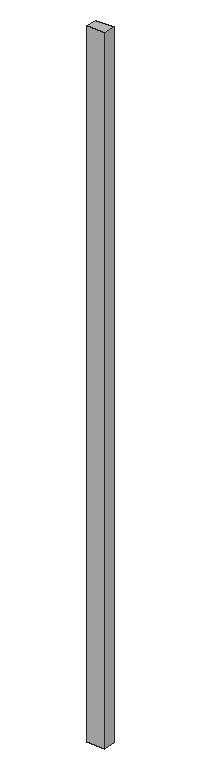
Revit family "STC_A3-conc-block-pier-4650-high", category Generic Models, host Wall, Revit 2016
Family settings
  Host = Wall
  Part Type = Normal
  Can host rebar = No
  Round Connector Dimension = Use Diameter
  Always vertical = Yes
  Cut with Voids When Loaded = No
  Shared = No
  Room Calculation Point = No
Parameters (values of type "16" X 9'4" Block Pier")
  WIDTH = 406.4 mm
  LEG R = 76.2 mm
  LEG L = 76.2 mm
  HEIGHT = 2844.8 mm
  GUAGE = 3.175 mm
  DEPTH L = 101.6 mm
  DEPTH R = 101.6 mm
  Assembly Code = ""
Reference planes
  plane 1: y = 0
  plane 2 "Center (Left/Right)": x = 0
  plane 3 "Wall Edge": y = 70
Forms (mm)
  Extrusion 1, solid, material "Masonry - Concrete Block"
    sketch origin (0, 13.988, 0) x (1, 0, 0) y (0, 1, 0)
      loop
        line (-200, 316.013) -> (-200, 56.012) -> (200, 56.012) -> (200, 316.013) -> (-200, 316.013)
    from 0 to 14650
Text (mm)
  text "Placement Side" at (0, 1019.848, 3124.603), in view "Right"
  text "Placement Side" at (-1787.662, 723.012, 0), in view "Ref. Level"
  text "Placement Side" at (0, 2073.289, 3571.227), in view "Left"
Dimensions and locks
  locked: plane 3 "Wall Edge" to host wall
  level to Extrusion 1 = 14650 mm
